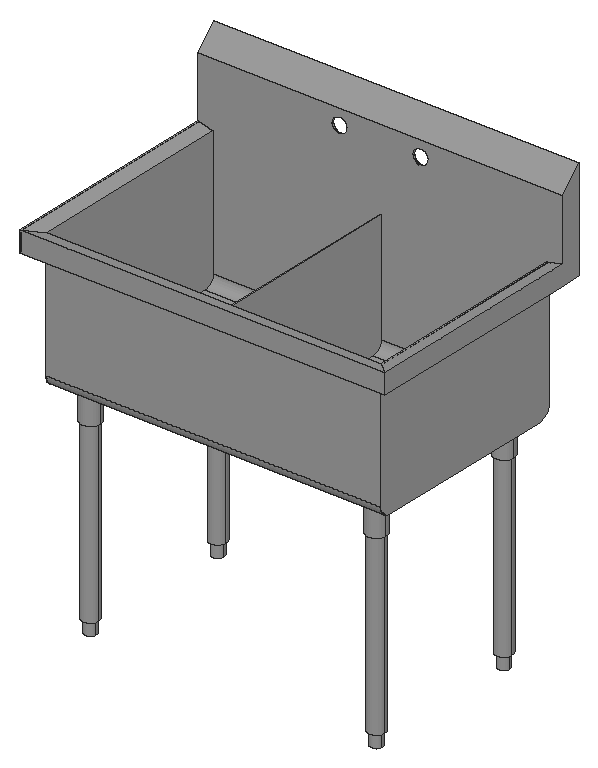
Revit family "equip-sink-elkay-Sturdibilt-DBL", category Plumbing Fixtures, Revit 2019
Family settings
  Round Connector Dimension = Use Diameter
  Part Type = Normal
  Work Plane-Based = No
  Always vertical = Yes
  Cut with Voids When Loaded = No
  Shared = No
  Room Calculation Point = No
Parameters (values of type "ByType")
  Width = 2' - 0"
  URL = "http://www.elkayusa.com/cps/rde/xchg/elkay/hs.xsl/Default.aspx"
  Specification URL = "http://www.elkayusa.com/cps/rde/xbcr/elkay/04-03F_STURDIBILT_SCULLERY_DOUBLE.pdf "
  Model Number = " "
  Model = "Sturdibilt"
  Manufacturer = "Elkay Manufacturer"
  Length = 3' - 0"
  Hidden Width = if(Compartment Width > 0' 11", Width, (Compartment Width + Sink Rim Front Width + Backsplash Width))  # 2' - 0"
  Sink Material = Metal - Steel - Stainless - Chrome
  Hidden Compartment Width = Width - Sink Rim Front Width - Backsplash Width  # 1' - 8 1/2"
  Hidden Compartment Length = (Length - (Sink Rim Sides Width * 2)) / 2  # 1' - 4 1/2"
  Description = "Sturdibilt Double Compartment scullery Sinks"
  Compartment Length = if(Hidden Compartment Length > 0' 8 1/2", Hidden Compartment Length, 0' 8 1/2")  # 1' - 4 1/2"
  Hidden Length = if((Compartment Length > 0' 8 1/2"), Length, (((Compartment Length * 2) + Sink Rim Sides Width * 2)))  # 3' - 0"
  Sink Rim Sides Width = 0' - 1 1/2"  # constant formula
  Sink Rim Front Width = 0' - 1 1/2"  # constant formula
  Backsplash Width = 0' - 2"  # constant formula
  Sink Drain Location = Compartment Width / 2  # 0' - 10 1/4"
  Compartment Depth = 1' - 2"
  Compartment Width = if(Hidden Compartment Width > 0' 11", Hidden Compartment Width, 0' 11")  # 1' - 8 1/2"
  Rim Height = 3' - 0"
  Hole 1 to 2 = 0' - 8"
  Hole 1 From CL = 0' - 4"
  Faucet CL from Top Backsplash = 0' - 3 1/2"
  Backsplash Height = 0' - 8"
Reference planes (in)
  plane 1 "CL Sink Hole": y = 0
  plane 2 "Bottom": z = 0
  plane 3 "Center (Left/Right)": x = 0
  plane 4 "Basin Edge Left": x = -16.5
  plane 5 "Basin Edge Right": x = 16.5
  plane 6 "Basin Edge Back": y = 10.25
  plane 7 "Basin Edge Front": y = -10.25
  plane 8 "Left": x = -18
  plane 9 "Right": x = 18
  plane 10 "Back": y = 12.25
  plane 11 "Front": y = -11.75
  plane 12 "Sink Bowl Bottom (Top Face)": z = 22
  plane 13 "Sink Bowl Bottom (Bottom Face)": z = 21.875
  plane 14 "Sink Bottom Piece Back Edge": y = 9.25
  plane 15 "Sink Bottom Piece Front Edge": y = -9.25
  plane 16 "Center (Front/Back)": y = 0
  plane 17 "Sink Rim Top": z = 36
  plane 18 "Sink Bowl Bottom Radius Top Tangent": z = 23
  plane 19 "Sink Rim Inside Lower Edge": z = 35.59808
  plane 20: z = 44
  plane 21 "Backsplash Angle": z = 42
  plane 22 "Backsplash Side Piece Front": y = 10.375
  plane 23 "Backsplash Side Piece Top": z = 43.82322
  plane 24 "Backsplash Side Piece Angle": z = 41.94822
  plane 25 "Backsplash Side Piece Bottom": z = 34
  plane 26 "Backsplash Side Right Piece Inside Edge": x = 17.9375
  plane 27 "Backsplash Side Left Piece Inside Edge": x = -17.9375
  plane 28 "Basin Edge Right Outside Face": x = 16.5625
  plane 29 "Basin Edge Left Outside Face": x = -16.5625
  plane 30 "Faucet Hole CL Elev": z = 40.5
  plane 31 "CL Faucet Hole Left": x = -4
  plane 32 "CL Faucet Hole Right": x = 4
  plane 33 "Leg Left CL": x = -14.125
  plane 34 "Leg Front CL": y = -7.875
  plane 35: z = 18.825
  plane 36: z = 1.3125
  plane 37 "Leg Right CL": x = 14.125
  plane 38 "Leg Back CL": y = 7.875
  plane 39 "Sink Drain Left CL": x = -8.25
  plane 40 "Partition Edge Left": x = -0.075
  plane 41 "Partition Edge Right": x = 0.075
  plane 42 "Partition Top": z = 35.47
  plane 43 "Sink Drain Right CL": x = 8.25
  plane 44 "Basin Edge Back Outside": y = 10.375
  plane 45 "Basin Edge Front Outside": y = -10.375
Forms (in)
  Sweep 1, solid, material "Metal - Steel - Stainless - Chrome" <- "Sink Material"
    path origin (0, 0, 36) x (0, -1, 0) y (1, 0, 0)
      loop
        line (-10.375, 18) -> (11.75, 18) -> (11.75, -18) -> (-10.375, -18)
    profile "profile-weldbilt-rim : profile-weldbilt-rim" origin (-18, -0.6875, 36) x (-1, 0, 0) y (0, 0, 1)
      loop
        line (-1.5, -0.40192) -> (-1.41389, -0.45164) -> (-0.07031, -0.09163) -> (-0.07031, -1.94605) -> (-0.42259, -2.04044) -> (-0.42259, -2.11323) -> (0, -2) -> (0, 0) -> (-1.5, -0.40192)
  Extrusion 2, solid, material "Metal - Steel - Stainless - Chrome" <- "Sink Material"
    sketch origin (0, 0, 0) x (0, 1, 0) y (0, 0, 1)
      loop
        line (-10.375, 35.59808) -> (-10.375, 23)
        arc (-10.375, 23) -> (-10.0455, 22.2045) -> (-9.25, 21.875) r 1.125
        line (-9.25, 21.875) -> (9.25, 21.875)
        arc (9.25, 21.875) -> (10.0455, 22.2045) -> (10.375, 23) r 1.125
        line (10.375, 23) -> (10.375, 35.59808) -> (10.25, 35.59808) -> (10.25, 23)
        arc (10.25, 23) -> (9.95711, 22.29289) -> (9.25, 22) r 1
        line (9.25, 22) -> (-9.25, 22)
        arc (-9.25, 22) -> (-9.95711, 22.29289) -> (-10.25, 23) r 1
        line (-10.25, 23) -> (-10.25, 35.59808) -> (-10.375, 35.59808)
    from -16.5 to 16.5
  Extrusion 3, solid, material "Metal - Steel - Stainless - Chrome" <- "Sink Material"
    sketch origin (0, 0, 0) x (0, 1, 0) y (0, 0, 1)
      loop
        line (10.25, 42) -> (10.25, 35.59808) -> (10.375, 35.59808) -> (10.375, 41.94822) -> (12.25, 43.82322) -> (12.25, 44) -> (10.25, 42)
    from -18 to 18
  Extrusion 4, solid, material "Metal - Steel - Stainless - Chrome" <- "Sink Material"
    sketch origin (18, 0, 0) x (0, 1, 0) y (0, 0, 1)
      loop
        line (12.25, 43.82322) -> (10.375, 41.94822) -> (10.375, 34) -> (12.25, 34) -> (12.25, 43.82322)
    from -0.0625 to 0
  Extrusion 5, solid, material "Metal - Steel - Stainless - Chrome" <- "Sink Material"
    sketch origin (-18, 0, 0) x (0, 1, 0) y (0, 0, 1)
      loop
        line (12.25, 43.82322) -> (10.375, 41.94822) -> (10.375, 34) -> (12.25, 34) -> (12.25, 43.82322)
    from 0 to 0.0625
  Extrusion 6, solid, material "Metal - Steel - Stainless - Chrome" <- "Sink Material"
    sketch origin (16.5, 0, 0) x (0, 1, 0) y (0, 0, 1)
      loop
        line (-10.375, 35.59808) -> (-10.375, 23)
        arc (-10.375, 23) -> (-10.0455, 22.2045) -> (-9.25, 21.875) r 1.125
        line (-9.25, 21.875) -> (9.25, 21.875)
        arc (9.25, 21.875) -> (10.0455, 22.2045) -> (10.375, 23) r 1.125
        line (10.375, 23) -> (10.375, 35.59808) -> (-10.375, 35.59808)
    from 0 to 0.0625
  Extrusion 7, solid, material "Metal - Steel - Stainless - Chrome" <- "Sink Material"
    sketch origin (-16.5, 0, 0) x (0, 1, 0) y (0, 0, 1)
      loop
        line (10.375, 35.59808) -> (-10.375, 35.59808) -> (-10.375, 23)
        arc (-10.375, 23) -> (-10.0455, 22.2045) -> (-9.25, 21.875) r 1.125
        line (-9.25, 21.875) -> (9.25, 21.875)
        arc (9.25, 21.875) -> (10.0455, 22.2045) -> (10.375, 23) r 1.125
        line (10.375, 23) -> (10.375, 35.59808)
    from -0.0625 to 0
  Extrusion 8, void
    sketch origin (0, 0, 0) x (1, 0, 0) y (0, 0, 1)
      loop
        circle (-4, 40.5) r 0.75
    from -10.375 to -10.25
  Extrusion 9, void
    sketch origin (0, 0, 0) x (1, 0, 0) y (0, 0, 1)
      loop
        circle (4, 40.5) r 0.75
    from -10.375 to -10.25
  Extrusion 10, void
    sketch origin (-45.27944, 78.60934, 0) x (1, 0, 0) y (0, 1, 0)
      loop
        circle (37.02944, -78.60934) r 2.375
    from 21.875 to 22
  Revolve 11, solid, material "Metal - Steel - Stainless - Chrome" <- "Sink Material"
    sketch origin (0, -7.875, 0) x (-1, 0, 0) y (0, 0, 1)
      loop
        line (14.9375, 18.825) -> (15.095, 18.825) -> (15.095, 21.875) -> (14.125, 21.875) -> (14.125, 0) -> (14.6875, 0) -> (14.6875, 1.3125) -> (14.9375, 1.3125) -> (14.9375, 18.825)
      axis (14.125, 21.875) -> (14.125, 0)
    angle from 0 to 360
  Revolve 12, solid, material "Metal - Steel - Stainless - Chrome" <- "Sink Material"
    sketch origin (0, -7.875, 0) x (-1, 0, 0) y (0, 0, 1)
      loop
        line (-14.9375, 18.825) -> (-14.9375, 1.3125) -> (-14.6875, 1.3125) -> (-14.6875, 0) -> (-14.125, 0) -> (-14.125, 21.875) -> (-15.095, 21.875) -> (-15.095, 18.825) -> (-14.9375, 18.825)
      axis (-14.125, 21.875) -> (-14.125, 0)
    angle from 0 to 360
  Revolve 13, solid, material "Metal - Steel - Stainless - Chrome" <- "Sink Material"
    sketch origin (0, 7.875, 0) x (-1, 0, 0) y (0, 0, 1)
      loop
        line (-14.9375, 18.825) -> (-14.9375, 1.3125) -> (-14.6875, 1.3125) -> (-14.6875, 0) -> (-14.125, 0) -> (-14.125, 21.875) -> (-15.095, 21.875) -> (-15.095, 18.825) -> (-14.9375, 18.825)
      axis (-14.125, 21.875) -> (-14.125, 0)
    angle from 0 to 360
  Revolve 14, solid, material "Metal - Steel - Stainless - Chrome" <- "Sink Material"
    sketch origin (0, 7.875, 0) x (-1, 0, 0) y (0, 0, 1)
      loop
        line (13.3125, 18.825) -> (13.3125, 1.3125) -> (13.5625, 1.3125) -> (13.5625, 0) -> (14.125, 0) -> (14.125, 21.875) -> (13.155, 21.875) -> (13.155, 18.825) -> (13.3125, 18.825)
      axis (14.125, 21.875) -> (14.125, 0)
    angle from 0 to 360
  Sweep 15, solid, material "Metal - Steel - Stainless - Chrome" <- "Sink Material"
    path origin (0, 0, 22) x (-1, 0, 0) y (0, -1, 0)
      loop
        circle (8.25, 0) r 2.375
    profile "profile-elkay-sink-hole-1 : profile-elkay-sink-hole-1" origin (-8.25, -2.375, 22) x (0, 1, 0) y (0, 0, 1)
      loop
        arc (0.10775, -0.05529) -> (0.06053, -0.01467) -> (0, 0) r 0.133
        line (0, 0) -> (0, -0.07422)
        arc (0, -0.07422) -> (0.0267, -0.08072) -> (0.04752, -0.09865) r 0.05878
        line (0.04752, -0.09865) -> (0.12152, -0.20143) -> (0.5715, -0.40832) -> (0.5715, -0.32577) -> (0.16939, -0.14089) -> (0.10775, -0.05529)
  Extrusion 16, solid, material "Metal - Steel - Stainless - Chrome" <- "Sink Material"
    sketch origin (0, 0, 0) x (0, 1, 0) y (0, 0, 1)
      loop
        line (-10.25, 34) -> (-10.25, 23)
        arc (-10.25, 23) -> (-9.95711, 22.29289) -> (-9.25, 22) r 1
        line (-9.25, 22) -> (9.25, 22)
        arc (9.25, 22) -> (9.95711, 22.29289) -> (10.25, 23) r 1
        line (10.25, 23) -> (10.25, 34) -> (-10.25, 34)
    from -0.075 to 0.075
  Extrusion 17, void
    sketch origin (0, 0, 0) x (1, 0, 0) y (0, 1, 0)
      loop
        circle (8.25, 0) r 2.375
    from 21.875 to 22
  Sweep 18, solid, material "Metal - Steel - Stainless - Chrome" <- "Sink Material"
    path origin (0, 0, 22) x (-1, 0, 0) y (0, -1, 0)
      loop
        circle (-8.25, 0) r 2.375
    profile "profile-elkay-sink-hole-1 : profile-elkay-sink-hole-1" origin (8.25, -2.375, 22) x (0, 1, 0) y (0, 0, 1)
      loop
        arc (0.10775, -0.05529) -> (0.06053, -0.01467) -> (0, 0) r 0.133
        line (0, 0) -> (0, -0.07422)
        arc (0, -0.07422) -> (0.0267, -0.08072) -> (0.04752, -0.09865) r 0.05878
        line (0.04752, -0.09865) -> (0.12152, -0.20143) -> (0.5715, -0.40832) -> (0.5715, -0.32577) -> (0.16939, -0.14089) -> (0.10775, -0.05529)
Cuts and joins
  Extrusion 10, Extrusion 17 cuts Extrusion 2
  Extrusion 8, Extrusion 9 cuts Extrusion 3
  Extrusion 10 cuts Extrusion 6
  joined: Sweep 1, Extrusion 2, Extrusion 3, Extrusion 4, Extrusion 5, Extrusion 6, Extrusion 7, Revolve 14, Sweep 15, Sweep 18
Lines and regions (in)
  Masking region 1
    outline origin (0, 0, 0) x (1, 0, 0) y (0, 1, 0)
      loop
        line (-18, 12.25) -> (-18, -11.75) -> (18, -11.75) -> (18, 12.25) -> (-18, 12.25)
  reference lines
    curve 1: arc (0, -9.25, 22) -> (0, -9.95711, 22.29289) -> (0, -10.25, 23) r 1
    curve 2: arc (0, 10.25, 23) -> (0, 9.95711, 22.29289) -> (0, 9.25, 22) r 1
    curve 3: line (-14.125, -7.875, 21.875) -> (-14.125, -7.875, 0)
    curve 4: line (14.125, -7.875, 22) -> (14.125, -7.875, 0)
    curve 5: line (14.125, 7.875, 21.875) -> (14.125, 7.875, 0)
    curve 6: line (-14.125, 7.875, 21.875) -> (-14.125, 7.875, 0)
    curve 20: arc (0, -10.375, 23) -> (0, -10.0455, 22.2045) -> (0, -9.25, 21.875) r 1.125
    curve 21: arc (0, 10.375, 23) -> (0, 10.0455, 22.2045) -> (0, 9.25, 21.875) r 1.125
  symbolic lines
    curve 7: line (-18, 10.25, 0) -> (18, 10.25, 0)
    curve 8: line (-16.5, -10.25, 0) -> (-16.5, 10.25, 0)
    curve 9: line (16.5, -10.25, 0) -> (-16.5, -10.25, 0)
    curve 10: line (16.5, 10.25, 0) -> (16.5, -10.25, 0)
    curve 11: line (-16.5, -10.25, 0) -> (-18, -11.75, 0)
    curve 12: line (18, -11.75, 0) -> (16.5, -10.25, 0)
    curve 13: circle (-8.25, 0, 0) r 2.375 normal (0, 0, 1)
    curve 14: circle (-8.25, 0, 0) r 1.75 normal (0, 0, 1)
    curve 15: line (-0.075, -10.25, 0) -> (-0.075, 10.25, 0)
    curve 16: line (0.075, 10.25, 0) -> (0.075, -10.25, 0)
    curve 17: circle (8.25, 0, 0) r 2.375 normal (0, 0, 1)
    curve 18: circle (8.25, 0, 0) r 1.75 normal (0, 0, 1)
    curve 19: line (0, 12.25, 44) -> (0, 10.25, 42)
Dimensions and locks (in)
  equal spacing: plane 4 "Basin Edge Left", plane 3 "Center (Left/Right)", plane 5 "Basin Edge Right"
  "Sink Rim Sides Width": plane 8 "Left" to plane 4 "Basin Edge Left"
  "Sink Rim Sides Width": plane 5 "Basin Edge Right" to plane 9 "Right"
  "Hidden Length": plane 8 "Left" to plane 9 "Right"
  "Sink Drain Location": plane 6 "Basin Edge Back" to plane 1 "CL Sink Hole"
  "Backsplash Width": plane 10 "Back" to plane 6 "Basin Edge Back"
  "Sink Rim Front Width": plane 7 "Basin Edge Front" to plane 11 "Front"
  "Hidden Width": plane 10 "Back" to plane 11 "Front"
  locked: plane 15 "Sink Bottom Piece Front Edge" to plane 7 "Basin Edge Front" at 1
  locked: plane 6 "Basin Edge Back" to plane 14 "Sink Bottom Piece Back Edge" at 1
  plane 6 "Basin Edge Back" to plane 7 "Basin Edge Front" = 1' - 8 1/2"
  equal spacing: plane 6 "Basin Edge Back", plane 16 "Center (Front/Back)", plane 7 "Basin Edge Front"
  "Compartment Depth": plane 17 "Sink Rim Top" to plane 12 "Sink Bowl Bottom (Top Face)"
  "Rim Height": plane 17 "Sink Rim Top" to plane 2 "Bottom"
  locked: plane 18 "Sink Bowl Bottom Radius Top Tangent" to plane 12 "Sink Bowl Bottom (Top Face)" at 1
  locked: plane 17 "Sink Rim Top" to plane 19 "Sink Rim Inside Lower Edge" at 0.40192
  "Backsplash Height": plane 20 to plane 17 "Sink Rim Top"
  locked: plane 20 to plane 21 "Backsplash Angle" at 2
  locked: plane 20 to plane 23 "Backsplash Side Piece Top" at 0.17678
  locked: plane 6 "Basin Edge Back" to plane 22 "Backsplash Side Piece Front" at 0.125
  locked: plane 21 "Backsplash Angle" to plane 24 "Backsplash Side Piece Angle" at 0.05178
  locked: plane 26 "Backsplash Side Right Piece Inside Edge" to plane 9 "Right" at 0.0625
  locked: plane 8 "Left" to plane 27 "Backsplash Side Left Piece Inside Edge" at 0.0625
  locked: plane 5 "Basin Edge Right" to plane 28 "Basin Edge Right Outside Face" at 0.0625
  plane 29 "Basin Edge Left Outside Face" to plane 4 "Basin Edge Left" = 0' - 0 1/16"
  locked: plane 17 "Sink Rim Top" to plane 25 "Backsplash Side Piece Bottom" at 2
  locked: plane 34 "Leg Front CL" to plane 7 "Basin Edge Front" at 2.375
  locked: plane 4 "Basin Edge Left" to plane 33 "Leg Left CL" at 2.375
  "Hole 1 From CL": plane 31 "CL Faucet Hole Left" to plane 3 "Center (Left/Right)"
  "Hole 1 to 2": plane 31 "CL Faucet Hole Left" to plane 32 "CL Faucet Hole Right"
  locked: plane 12 "Sink Bowl Bottom (Top Face)" to plane 13 "Sink Bowl Bottom (Bottom Face)" at 0.125
  locked: plane 12 "Sink Bowl Bottom (Top Face)" to plane 35 at 3.175
  locked: plane 36 to plane 2 "Bottom" at 1.3125
  "Faucet CL from Top Backsplash": plane 20 to plane 30 "Faucet Hole CL Elev"
  locked: plane 37 "Leg Right CL" to plane 5 "Basin Edge Right" at 2.375
  locked: plane 6 "Basin Edge Back" to plane 38 "Leg Back CL" at 2.375
  equal spacing: plane 4 "Basin Edge Left", plane 39 "Sink Drain Left CL", plane 3 "Center (Left/Right)"
  equal spacing: plane 40 "Partition Edge Left", plane 3 "Center (Left/Right)", plane 41 "Partition Edge Right"
  locked: plane 40 "Partition Edge Left" to plane 41 "Partition Edge Right" at 0.15
  locked: plane 17 "Sink Rim Top" to plane 42 "Partition Top" at 0.53
  equal spacing: plane 3 "Center (Left/Right)", plane 43 "Sink Drain Right CL", plane 5 "Basin Edge Right"
  locked: plane 6 "Basin Edge Back" to plane 44 "Basin Edge Back Outside" at 0.125
  locked: plane 45 "Basin Edge Front Outside" to plane 7 "Basin Edge Front" at 0.125
  locked: nested 1 to plane 9 "Right" at 4
  locked: plane 10 "Back" to nested 1 at 1
  aligned and locked: Extrusion 2 sketch curve to plane 6 "Basin Edge Back"
  aligned and locked: Extrusion 2 sketch curve to curve 2
  aligned and locked: Extrusion 2 sketch curve to curve 1
  aligned and locked: plane 5 "Basin Edge Right" to Extrusion 2
  aligned and locked: Extrusion 2 to plane 4 "Basin Edge Left"
  aligned and locked: Extrusion 2 sketch curve to plane 19 "Sink Rim Inside Lower Edge"  (x2)
  aligned and locked: Extrusion 3 sketch curve to plane 19 "Sink Rim Inside Lower Edge"
  aligned and locked: Extrusion 3 sketch curve to plane 10 "Back"
  aligned and locked: Extrusion 3 sketch curve to plane 6 "Basin Edge Back"
  aligned and locked: plane 9 "Right" to Extrusion 3
  aligned and locked: Extrusion 3 to plane 8 "Left"
  aligned and locked: plane 10 "Back" to Extrusion 4 sketch curve
  aligned and locked: Extrusion 4 sketch curve to plane 25 "Backsplash Side Piece Bottom"
  aligned and locked: Extrusion 4 sketch curve to plane 22 "Backsplash Side Piece Front"
  aligned and locked: Extrusion 4 to plane 26 "Backsplash Side Right Piece Inside Edge"
  aligned and locked: plane 9 "Right" to Extrusion 4
  aligned and locked: plane 22 "Backsplash Side Piece Front" to Sweep 1 sketch curve  (x2)
  aligned and locked: Extrusion 5 sketch curve to plane 10 "Back"
  aligned and locked: plane 22 "Backsplash Side Piece Front" to Extrusion 5 sketch curve
  aligned and locked: plane 25 "Backsplash Side Piece Bottom" to Extrusion 5 sketch curve
  aligned and locked: plane 27 "Backsplash Side Left Piece Inside Edge" to Extrusion 5
  aligned and locked: Extrusion 5 to plane 8 "Left"
  aligned and locked: Extrusion 6 sketch curve to plane 19 "Sink Rim Inside Lower Edge"
  aligned and locked: Extrusion 6 to plane 5 "Basin Edge Right"
  aligned and locked: plane 28 "Basin Edge Right Outside Face" to Extrusion 6
  aligned and locked: Extrusion 7 sketch curve to plane 19 "Sink Rim Inside Lower Edge"
  aligned and locked: Extrusion 7 to plane 29 "Basin Edge Left Outside Face"
  aligned and locked: plane 4 "Basin Edge Left" to Extrusion 7
  aligned and locked: plane 22 "Backsplash Side Piece Front" to Extrusion 9
  aligned and locked: Extrusion 9 to plane 6 "Basin Edge Back"
  aligned and locked: plane 22 "Backsplash Side Piece Front" to Extrusion 8
  aligned: Extrusion 8 to plane 14 "Sink Bottom Piece Back Edge"
  aligned and locked: Extrusion 8 to plane 6 "Basin Edge Back"
  aligned and locked: plane 12 "Sink Bowl Bottom (Top Face)" to Extrusion 10
  aligned and locked: Extrusion 10 to plane 13 "Sink Bowl Bottom (Bottom Face)"
  aligned and locked: Revolve 11 sketch curve to plane 13 "Sink Bowl Bottom (Bottom Face)"
  aligned and locked: Revolve 11 sketch curve to curve 3
  aligned and locked: curve 4 to plane 37 "Leg Right CL"
  aligned and locked: plane 12 "Sink Bowl Bottom (Top Face)" to curve 4
  aligned and locked: plane 2 "Bottom" to curve 4
  aligned and locked: Revolve 12 sketch curve to plane 36
  aligned and locked: Revolve 12 sketch curve to plane 35
  aligned and locked: plane 2 "Bottom" to Revolve 12 sketch curve  (x3)
  aligned and locked: plane 13 "Sink Bowl Bottom (Bottom Face)" to Revolve 12 sketch curve  (x2)
  aligned and locked: curve 4 to Revolve 12 sketch curve  (x2)
  aligned and locked: Revolve 13 sketch curve to plane 2 "Bottom"
  aligned and locked: plane 36 to Revolve 13 sketch curve
  aligned and locked: plane 35 to Revolve 13 sketch curve
  aligned and locked: Revolve 13 sketch curve to plane 13 "Sink Bowl Bottom (Bottom Face)"
  aligned and locked: plane 37 "Leg Right CL" to Revolve 13 sketch curve
  aligned and locked: Revolve 13 sketch curve to curve 5
  aligned and locked: Revolve 14 sketch curve to plane 2 "Bottom"
  aligned and locked: plane 36 to Revolve 14 sketch curve
  aligned and locked: plane 35 to Revolve 14 sketch curve
  aligned and locked: Revolve 14 sketch curve to plane 13 "Sink Bowl Bottom (Bottom Face)"
  aligned and locked: plane 33 "Leg Left CL" to Revolve 14 sketch curve
  aligned and locked: plane 2 "Bottom" to Revolve 14 sketch curve
  aligned and locked: Revolve 14 sketch curve to plane 33 "Leg Left CL"
  aligned and locked: Masking region 1 sketch curve to plane 10 "Back"
  aligned and locked: plane 8 "Left" to Masking region 1 sketch curve
  aligned and locked: Masking region 1 sketch curve to plane 9 "Right"
  aligned and locked: plane 11 "Front" to Masking region 1 sketch curve
  aligned and locked: plane 7 "Basin Edge Front" to curve 9
  aligned and locked: plane 4 "Basin Edge Left" to curve 8
  aligned and locked: curve 7 to plane 6 "Basin Edge Back"
  aligned and locked: plane 8 "Left" to curve 7
  aligned and locked: plane 9 "Right" to curve 7
  aligned and locked: Extrusion 16 sketch curve to plane 25 "Backsplash Side Piece Bottom"
  aligned and locked: Extrusion 16 sketch curve to plane 6 "Basin Edge Back"
  aligned and locked: Extrusion 16 sketch curve to curve 1
  aligned and locked: Extrusion 16 sketch curve to curve 2
  aligned and locked: Extrusion 16 to plane 40 "Partition Edge Left"
  aligned and locked: plane 41 "Partition Edge Right" to Extrusion 16
  aligned and locked: plane 12 "Sink Bowl Bottom (Top Face)" to Extrusion 17
  aligned and locked: Extrusion 17 to plane 13 "Sink Bowl Bottom (Bottom Face)"
  aligned and locked: Extrusion 6 sketch curve to plane 44 "Basin Edge Back Outside"
  aligned and locked: Extrusion 6 sketch curve to plane 45 "Basin Edge Front Outside"
  aligned and locked: Extrusion 6 sketch curve to curve 20
  aligned and locked: Extrusion 6 sketch curve to curve 21
  aligned and locked: Extrusion 7 sketch curve to plane 44 "Basin Edge Back Outside"
  aligned and locked: Extrusion 7 sketch curve to plane 45 "Basin Edge Front Outside"
  aligned and locked: Extrusion 7 sketch curve to curve 20
  aligned and locked: Extrusion 7 sketch curve to curve 21
Automatic sketch dimensions
  Sweep 1 sketch curve to plane 8 "Left" = 0' - 0"
  Sweep 1 sketch curve to plane 11 "Front" = 0' - 0"
  Sweep 1 sketch curve to plane 9 "Right" = 0' - 0"
  Extrusion 2 sketch curve to Extrusion 2 sketch curve = 0' - 0"  (x4)
  Extrusion 2 sketch curve to plane 22 "Backsplash Side Piece Front" = 0' - 0"
  Extrusion 3 sketch curve to plane 22 "Backsplash Side Piece Front" = 0' - 0"
  Extrusion 3 sketch curve to plane 24 "Backsplash Side Piece Angle" = 0' - 0"
  Extrusion 3 sketch curve to plane 21 "Backsplash Angle" = 0' - 0"
  Extrusion 3 sketch curve to plane 23 "Backsplash Side Piece Top" = 0' - 0"
  Extrusion 3 sketch curve to plane 20 = 0' - 0"
  Extrusion 4 sketch curve to plane 24 "Backsplash Side Piece Angle" = 0' - 0"
  Extrusion 4 sketch curve to plane 23 "Backsplash Side Piece Top" = 0' - 0"
  Extrusion 5 sketch curve to plane 24 "Backsplash Side Piece Angle" = 0' - 0"
  Extrusion 5 sketch curve to plane 23 "Backsplash Side Piece Top" = 0' - 0"
  Extrusion 8 sketch curve to plane 30 "Faucet Hole CL Elev" = 0' - 0"
  Extrusion 8 sketch curve to plane 31 "CL Faucet Hole Left" = 0' - 0"
  Extrusion 9 sketch curve to plane 30 "Faucet Hole CL Elev" = 0' - 0"
  Extrusion 9 sketch curve to plane 32 "CL Faucet Hole Right" = 0' - 0"
  curve 3 to level = 0' - 0"
  curve 3 to plane 33 "Leg Left CL" = 0' - 0"
  curve 3 to plane 13 "Sink Bowl Bottom (Bottom Face)" = 0' - 0"
  Revolve 11 sketch curve to plane 33 "Leg Left CL" = 0' - 0"
  Revolve 11 sketch curve to level = 0' - 0"  (x2)
  Revolve 11 sketch curve to plane 36 = 0' - 0"
  Revolve 11 sketch curve to plane 35 = 0' - 0"
  Revolve 11 sketch curve to plane 13 "Sink Bowl Bottom (Bottom Face)" = 0' - 0"
  Revolve 11 sketch curve to Revolve 11 sketch curve = 0' - 0 9/16"
  Revolve 11 sketch curve to Revolve 11 sketch curve = 0' - 0 1/4"
  Revolve 11 sketch curve to Revolve 11 sketch curve = 0' - 0.1575"
  plane 37 "Leg Right CL" to Revolve 12 sketch curve = 0' - 0 9/16"
  plane 37 "Leg Right CL" to Revolve 12 sketch curve = 0' - 0 13/16"
  Revolve 12 sketch curve to Revolve 12 sketch curve = 0' - 0.1575"
  curve 5 to level = 0' - 0"
  curve 5 to plane 37 "Leg Right CL" = 0' - 0"
  curve 5 to plane 13 "Sink Bowl Bottom (Bottom Face)" = 0' - 0"
  Revolve 13 sketch curve to level = 0' - 0"
  Revolve 13 sketch curve to plane 13 "Sink Bowl Bottom (Bottom Face)" = 0' - 0"
  plane 37 "Leg Right CL" to Revolve 13 sketch curve = 0' - 0 9/16"
  Revolve 13 sketch curve to Revolve 13 sketch curve = 0' - 0 1/4"
  Revolve 13 sketch curve to Revolve 13 sketch curve = 0' - 0.97"
  Revolve 14 sketch curve to plane 13 "Sink Bowl Bottom (Bottom Face)" = 0' - 0"
  plane 33 "Leg Left CL" to Revolve 14 sketch curve = 0' - 0 9/16"
  Revolve 14 sketch curve to Revolve 14 sketch curve = 0' - 0 1/4"
  Revolve 14 sketch curve to Revolve 14 sketch curve = 0' - 0.97"
  curve 6 to level = 0' - 0"
  curve 6 to plane 33 "Leg Left CL" = 0' - 0"
  curve 6 to plane 13 "Sink Bowl Bottom (Bottom Face)" = 0' - 0"
  plane 1 "CL Sink Hole" to Sweep 15 sketch curve = 0' - 0"
  Sweep 15 sketch curve to plane 39 "Sink Drain Left CL" = 0' - 0"
  plane 1 "CL Sink Hole" to Extrusion 10 sketch curve = 0' - 0"
  Extrusion 10 sketch curve to plane 39 "Sink Drain Left CL" = 0' - 0"
  plane 1 "CL Sink Hole" to Extrusion 17 sketch curve = 0' - 0"
  Extrusion 17 sketch curve to plane 43 "Sink Drain Right CL" = 0' - 0"
  plane 1 "CL Sink Hole" to Sweep 18 sketch curve = 0' - 0"
  Sweep 18 sketch curve to plane 43 "Sink Drain Right CL" = 0' - 0"
  curve 13 to curve 14 = 0' - 0"  (x2)
  curve 17 to curve 18 = 0' - 0"  (x2)
  curve 11 to plane 8 "Left" = 0' - 0"
  plane 1 "CL Sink Hole" to curve 13 = 0' - 0"
  curve 13 to plane 39 "Sink Drain Left CL" = 0' - 0"
  curve 15 to plane 40 "Partition Edge Left" = 0' - 0"
  curve 16 to plane 41 "Partition Edge Right" = 0' - 0"
  plane 1 "CL Sink Hole" to curve 17 = 0' - 0"
  curve 17 to plane 43 "Sink Drain Right CL" = 0' - 0"
  curve 10 to plane 5 "Basin Edge Right" = 0' - 0"
  curve 12 to plane 9 "Right" = 0' - 0"
  curve 11 to plane 11 "Front" = 0' - 0"
  curve 12 to plane 11 "Front" = 0' - 0"
  curve 19 to plane 6 "Basin Edge Back" = 0' - 0"
  curve 19 to plane 10 "Back" = 0' - 0"
  curve 19 to plane 21 "Backsplash Angle" = 0' - 0"
  curve 19 to plane 20 = 0' - 0"
  curve 1 to curve 20 = 0' - 0"  (x2)
  curve 2 to curve 21 = 0' - 0"  (x2)
  curve 20 to plane 18 "Sink Bowl Bottom Radius Top Tangent" = 0' - 0"
  curve 20 to plane 45 "Basin Edge Front Outside" = 0' - 0"
  curve 1 to plane 7 "Basin Edge Front" = 0' - 0"
  curve 20 to plane 13 "Sink Bowl Bottom (Bottom Face)" = 0' - 0"
  curve 21 to plane 13 "Sink Bowl Bottom (Bottom Face)" = 0' - 0"
  curve 21 to plane 14 "Sink Bottom Piece Back Edge" = 0' - 0"
  curve 2 to plane 6 "Basin Edge Back" = 0' - 0"
  curve 21 to plane 18 "Sink Bowl Bottom Radius Top Tangent" = 0' - 0"
  radius of Extrusion 8 sketch curve = 0' - 0 3/4"
  radius of Extrusion 9 sketch curve = 0' - 0 3/4"
  radius of Sweep 15 sketch curve = 0' - 2 3/8"
  radius of Extrusion 10 sketch curve = 0' - 2 3/8"
  radius of Extrusion 17 sketch curve = 0' - 2 3/8"
  radius of Sweep 18 sketch curve = 0' - 2 3/8"
  radius of curve 13 = 0' - 2 3/8"
  radius of curve 14 = 0' - 1 3/4"
  radius of curve 17 = 0' - 2 3/8"
  radius of curve 18 = 0' - 1 3/4"
Nested families (in)
  nested 1: "logo-elkay-detail" at (14, 11.25, 0), type "logo-elkay-detail"
Definition of nested family "logo-elkay-detail"
  Reference planes (in)
    plane 1 "Center (Front/Back)": y = 0
    plane 2: z = 0
    plane 3 "Center (Left/Right)": x = 0
  Lines and regions (in)
    detail lines, in view "Ref. Level"
      curve 1: line (-1.81545, 0.37736, 0) -> (-2.86608, 0.37736, 0)
      curve 2: line (-2.86608, 0.37736, 0) -> (-2.99916, -0.37736, 0)
      curve 3: line (-2.99916, -0.37736, 0) -> (-1.89769, -0.37736, 0)
      curve 4: line (-1.89769, -0.37736, 0) -> (-1.87836, -0.26772, 0)
      curve 5: line (-1.87836, -0.26772, 0) -> (-2.75664, -0.26772, 0)
      curve 6: line (-2.75664, -0.26772, 0) -> (-2.71915, -0.05507, 0)
      curve 7: line (-2.71915, -0.05507, 0) -> (-1.94254, -0.05507, 0)
      curve 8: line (-1.94254, -0.05507, 0) -> (-1.92312, 0.05507, 0)
      curve 9: line (-1.92312, 0.05507, 0) -> (-2.71407, 0.05507, 0)
      curve 10: line (-2.71407, 0.05507, 0) -> (-2.67657, 0.26772, 0)
      curve 11: line (-2.67657, 0.26772, 0) -> (-1.83479, 0.26772, 0)
      curve 12: line (-1.83479, 0.26772, 0) -> (-1.81545, 0.37736, 0)
      curve 13: line (-1.55864, -0.26772, 0) -> (-1.44489, 0.37736, 0)
      curve 14: line (-1.44489, 0.37736, 0) -> (-1.65384, 0.37736, 0)
      curve 15: line (-1.65384, 0.37736, 0) -> (-1.78692, -0.37736, 0)
      curve 16: line (-1.78692, -0.37736, 0) -> (-0.81843, -0.37736, 0)
      curve 17: line (-0.81843, -0.37736, 0) -> (-0.7991, -0.26772, 0)
      curve 18: line (-0.7991, -0.26772, 0) -> (-1.55864, -0.26772, 0)
      curve 19: line (-0.70839, -0.37736, 0) -> (-0.57531, 0.37736, 0)
      curve 20: line (-0.57531, 0.37736, 0) -> (-0.36636, 0.37736, 0)
      curve 21: line (-0.36636, 0.37736, 0) -> (-0.44053, -0.04327, 0)
      curve 22: line (-0.44053, -0.04327, 0) -> (0.30095, 0.37736, 0)
      curve 23: line (0.30095, 0.37736, 0) -> (0.59826, 0.37736, 0)
      curve 24: line (0.59826, 0.37736, 0) -> (0.025, 0.05216, 0)
      curve 25: line (0.025, 0.05216, 0) -> (0.49251, -0.37736, 0)
      curve 26: line (0.49251, -0.37736, 0) -> (0.1672, -0.37736, 0)
      curve 27: line (0.1672, -0.37736, 0) -> (-0.17613, -0.06193, 0)
      curve 28: line (-0.17613, -0.06193, 0) -> (-0.47357, -0.23067, 0)
      curve 29: line (-0.47357, -0.23067, 0) -> (-0.49944, -0.37736, 0)
      curve 30: line (-0.49944, -0.37736, 0) -> (-0.70839, -0.37736, 0)
      curve 31: line (1.55597, -0.12503, 0) -> (1.3377, 0.32386, 0)
      curve 32: line (1.3377, 0.32386, 0) -> (0.94493, -0.12503, 0)
      curve 33: line (0.94493, -0.12503, 0) -> (1.55597, -0.12503, 0)
      curve 34: line (1.55608, 0.37736, 0) -> (1.92307, -0.37736, 0)
      curve 35: line (1.92307, -0.37736, 0) -> (1.67867, -0.37736, 0)
      curve 36: line (1.67867, -0.37736, 0) -> (1.60734, -0.23067, 0)
      curve 37: line (1.60734, -0.23067, 0) -> (0.8525, -0.23067, 0)
      curve 38: line (0.8525, -0.23067, 0) -> (0.72414, -0.37736, 0)
      curve 39: line (0.72414, -0.37736, 0) -> (0.52921, -0.37736, 0)
      curve 40: line (0.52921, -0.37736, 0) -> (1.1896, 0.37736, 0)
      curve 41: line (1.1896, 0.37736, 0) -> (1.55608, 0.37736, 0)
      curve 42: line (1.98079, 0.37736, 0) -> (2.29994, 0.03841, 0)
      curve 43: line (2.29994, 0.03841, 0) -> (2.75395, 0.37736, 0)
      curve 44: line (2.75395, 0.37736, 0) -> (2.99916, 0.37736, 0)
      curve 45: line (2.99916, 0.37736, 0) -> (2.38123, -0.08397, 0)
      curve 46: line (2.38123, -0.08397, 0) -> (2.3295, -0.37736, 0)
      curve 47: line (2.3295, -0.37736, 0) -> (2.10632, -0.37736, 0)
      curve 48: line (2.10632, -0.37736, 0) -> (2.15092, -0.12442, 0)
      curve 49: line (2.15092, -0.12442, 0) -> (1.67845, 0.37736, 0)
      curve 50: line (1.67845, 0.37736, 0) -> (1.98079, 0.37736, 0)
